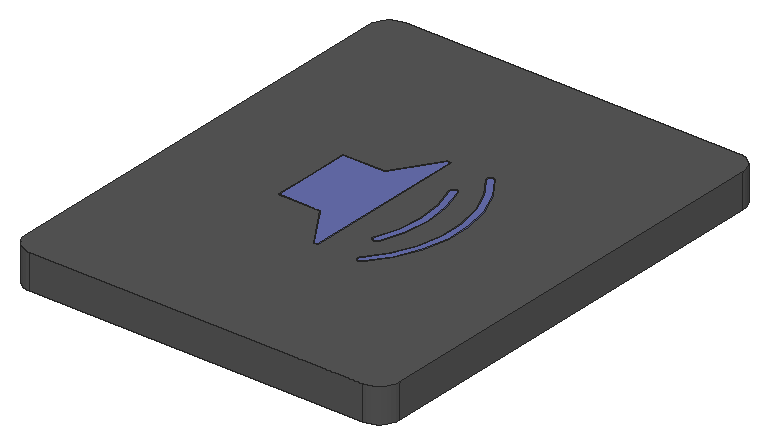
Revit family "Electronics_Masking-Generators_Biamp_Qt-Conference-Room-Edition_Privacy-Signs", category Communication Devices, host Face, Revit 2020
Family settings
  Host = Face
  Maintain Annotation Orientation = No
  Round Connector Dimension = Use Diameter
  Part Type = Normal
  OmniClass Number = 23.85.10.00
  OmniClass Title = General Information Systems
  Cut with Voids When Loaded = No
  Shared = No
  Room Calculation Point = No
Parameters (values of type "Privacy Sign Inside")
  Width = 3.54331"  # constant formula
  Weight = 0.10 lbf  # constant formula
  Version = 1
  URL = "https://www.biamp.com/"
  Product data url = "https://bimobject.com/biamp/product/qt-cre_masking-generator"
  Product Page URL = "https://www.biamp.com/products/product-families/cambridge/masking-generators#qt-cre"
  Product Documentation Link = "https://downloads.biamp.com/assets/docs/default-source/data-sheets/biamp_data_sheet_qt_conference_room_edition.pdf"
  Number of Connectors = "1"  # constant formula
  Model = "Privacy Sign Inside"
  Manufacturer = "Biamp"  # constant formula
  Input Voltage = "5VDC @ 75mA"  # constant formula
  Housing Material = Biamp - Plastic - Black
  Height = 0.32283"  # constant formula
  Description = "QT® Conference Room Edition Speech Privacy Solution for Conference Rooms"  # constant formula
  Depth = 4.44882"  # constant formula
  Default Elevation = 48"
  Date Updated = ""
  Date Created = "2023/08/21"
  Connector Type = "Spring-Loaded Push Terminals"  # constant formula
  Connector Description = "Spring-Loaded Push Terminals, 5VDC @ 75mA"  # constant formula
  Cable Type = "20AWG 2-Conductor Type CMP (Plenum)"  # constant formula
Types (3): name | Model
  (no name) | "Privacy Sign Inside"
  Privacy Sign Outside | "Privacy Sign Outside"
  Privacy Sign Inside | "Privacy Sign Inside"
Reference planes (in)
  plane 1 "Center (Front/Back)": y = 0
  plane 2: z = 0
  plane 3 "Center (Left/Right)": x = 0
Forms (in)
  Extrusion 1, solid, material "Biamp - Plastic - Black" <- "Housing Material", detail levels medium+fine
    sketch origin (0, 0, 0) x (1, 0, 0) y (0, 1, 0)
      loop
        line (-1.77165, 2.02756) -> (-1.77165, -2.02756)
        arc (-1.77165, -2.02756) -> (-1.714, -2.16675) -> (-1.5748, -2.22441) r 0.19685
        line (-1.5748, -2.22441) -> (1.5748, -2.22441)
        arc (1.5748, -2.22441) -> (1.714, -2.16675) -> (1.77165, -2.02756) r 0.19685
        line (1.77165, -2.02756) -> (1.77165, 2.02756)
        arc (1.77165, 2.02756) -> (1.714, 2.16675) -> (1.5748, 2.22441) r 0.19685
        line (1.5748, 2.22441) -> (-1.5748, 2.22441)
        arc (-1.5748, 2.22441) -> (-1.714, 2.16675) -> (-1.77165, 2.02756) r 0.19685
    from 0 to 0.32283
  Extrusion 2, solid, material "Biamp - Plastic - Black" <- "Housing Material", detail levels coarse
    sketch origin (0, 0, 0) x (1, 0, 0) y (0, 1, 0)
      loop
        line (-1.77165, 2.02756) -> (-1.77165, -2.02756)
        arc (-1.77165, -2.02756) -> (-1.714, -2.16675) -> (-1.5748, -2.22441) r 0.19685
        line (-1.5748, -2.22441) -> (1.5748, -2.22441)
        arc (1.5748, -2.22441) -> (1.714, -2.16675) -> (1.77165, -2.02756) r 0.19685
        line (1.77165, -2.02756) -> (1.77165, 2.02756)
        arc (1.77165, 2.02756) -> (1.714, 2.16675) -> (1.5748, 2.22441) r 0.19685
        line (1.5748, 2.22441) -> (-1.5748, 2.22441)
        arc (-1.5748, 2.22441) -> (-1.714, 2.16675) -> (-1.77165, 2.02756) r 0.19685
    from 0 to 0.32283
  Extrusion 3, void
    sketch origin (0, 0, 0.32283) x (1, 0, 0) y (0, 1, 0)
      loop
        line (0, 0.7874) -> (-0.03955, 0.7874) -> (-0.30264, 0.38228) -> (-0.69812, 0.38228) -> (-0.69812, 0) -> (-0.69812, -0.38228) -> (-0.30264, -0.38228) -> (-0.03955, -0.7874) -> (0, -0.7874) -> (0, 0.7874)
      loop
        arc (0.25987, -0.44051) -> (0.27797, -0.4847) -> (0.32226, -0.46682) r 0.03386
        arc (0.32226, -0.46682) -> (0.41792, 0) -> (0.32226, 0.46682) r 1.18686
        arc (0.32226, 0.46682) -> (0.27797, 0.4847) -> (0.25987, 0.44051) r 0.03386
        arc (0.25987, 0.44051) -> (0.34779, 0) -> (0.25987, -0.44051) r 1.14749
      loop
        arc (0.36775, -0.74509) -> (0.37103, -0.78903) -> (0.415, -0.78614) r 0.03129
        arc (0.415, -0.78614) -> (0.71269, 0) -> (0.415, 0.78614) r 1.18686
        arc (0.415, 0.78614) -> (0.37103, 0.78903) -> (0.36775, 0.74509) r 0.03129
        arc (0.36775, 0.74509) -> (0.64256, 0) -> (0.36775, -0.74509) r 1.14749
    from -0.02797 to 0
  Extrusion 4, solid, material "Biamp - Plastic - Blue", detail levels medium+fine
    sketch origin (0, 0, 0.32283) x (1, 0, 0) y (0, 1, 0)
      loop
        line (-0.30264, 0.38228) -> (-0.69812, 0.38228) -> (-0.69812, 0) -> (-0.69812, -0.38228) -> (-0.30264, -0.38228) -> (-0.03955, -0.7874) -> (0, -0.7874) -> (0, 0.7874) -> (-0.03955, 0.7874) -> (-0.30264, 0.38228)
      loop
        arc (0.32226, -0.46682) -> (0.41792, 0) -> (0.32226, 0.46682) r 1.18686
        arc (0.32226, 0.46682) -> (0.27797, 0.4847) -> (0.25987, 0.44051) r 0.03386
        arc (0.25987, 0.44051) -> (0.34779, 0) -> (0.25987, -0.44051) r 1.14749
        arc (0.25987, -0.44051) -> (0.27797, -0.4847) -> (0.32226, -0.46682) r 0.03386
      loop
        arc (0.415, -0.78614) -> (0.71269, 0) -> (0.415, 0.78614) r 1.18686
        arc (0.415, 0.78614) -> (0.37103, 0.78903) -> (0.36775, 0.74509) r 0.03129
        arc (0.36775, 0.74509) -> (0.64256, 0) -> (0.36775, -0.74509) r 1.14749
        arc (0.36775, -0.74509) -> (0.37103, -0.78903) -> (0.415, -0.78614) r 0.03129
    from -0.02797 to 0
  Extrusion 5, void
    sketch origin (0, 0, 0) x (0, 1, 0) y (1, 0, 0)
      loop
        circle (-1.48622, 0) r 0.19685
    from -0.06635 to 0
Cuts and joins
  Extrusion 3, Extrusion 5 cuts Extrusion 1
Lines and regions (in)
  Masking region 1, detail levels coarse
    outline origin (0, 0, 0) x (1, 0, 0) y (0, 1, 0)
      loop
        line (-1.77165, 2.02756) -> (-1.77165, -2.02756)
        arc (-1.77165, -2.02756) -> (-1.714, -2.16675) -> (-1.5748, -2.22441) r 0.19685
        line (-1.5748, -2.22441) -> (1.5748, -2.22441)
        arc (1.5748, -2.22441) -> (1.714, -2.16675) -> (1.77165, -2.02756) r 0.19685
        line (1.77165, -2.02756) -> (1.77165, 2.02756)
        arc (1.77165, 2.02756) -> (1.714, 2.16675) -> (1.5748, 2.22441) r 0.19685
        line (1.5748, 2.22441) -> (-1.5748, 2.22441)
        arc (-1.5748, 2.22441) -> (-1.714, 2.16675) -> (-1.77165, 2.02756) r 0.19685
  Masking region 2
    outline origin (0, 0, 0) x (1, 0, 0) y (0, 0, 1)
      loop
        line (-1.77165, 0.32283) -> (-1.77165, 0) -> (1.77165, 0) -> (1.77165, 0.32283) -> (-1.77165, 0.32283)
  Masking region 3, detail levels medium+fine
    outline origin (0, 0, 0) x (1, 0, 0) y (0, 1, 0)
      loop
        line (-1.77165, 2.02756) -> (-1.77165, -2.02756)
        arc (-1.77165, -2.02756) -> (-1.714, -2.16675) -> (-1.5748, -2.22441) r 0.19685
        line (-1.5748, -2.22441) -> (1.5748, -2.22441)
        arc (1.5748, -2.22441) -> (1.714, -2.16675) -> (1.77165, -2.02756) r 0.19685
        line (1.77165, -2.02756) -> (1.77165, 2.02756)
        arc (1.77165, 2.02756) -> (1.714, 2.16675) -> (1.5748, 2.22441) r 0.19685
        line (1.5748, 2.22441) -> (-1.5748, 2.22441)
        arc (-1.5748, 2.22441) -> (-1.714, 2.16675) -> (-1.77165, 2.02756) r 0.19685
  Masking region 4, detail levels medium+fine
    outline origin (0, 0, 0) x (1, 0, 0) y (0, 1, 0)
      loop
        line (-0.69812, 0.38228) -> (-0.69812, 0) -> (-0.69812, -0.38228) -> (-0.30264, -0.38228) -> (-0.03955, -0.7874) -> (0, -0.7874) -> (0, 0.7874) -> (-0.03955, 0.7874) -> (-0.30264, 0.38228) -> (-0.69812, 0.38228)
      loop
        arc (0.25987, 0.44051) -> (0.34779, 0) -> (0.25987, -0.44051) r 1.14749
        arc (0.25987, -0.44051) -> (0.27797, -0.4847) -> (0.32226, -0.46682) r 0.03386
        arc (0.32226, -0.46682) -> (0.41792, 0) -> (0.32226, 0.46682) r 1.18686
        arc (0.32226, 0.46682) -> (0.27797, 0.4847) -> (0.25987, 0.44051) r 0.03386
      loop
        arc (0.36775, 0.74509) -> (0.64256, 0) -> (0.36775, -0.74509) r 1.14749
        arc (0.36775, -0.74509) -> (0.37103, -0.78903) -> (0.415, -0.78614) r 0.03129
        arc (0.415, -0.78614) -> (0.71269, 0) -> (0.415, 0.78614) r 1.18686
        arc (0.415, 0.78614) -> (0.37103, 0.78903) -> (0.36775, 0.74509) r 0.03129
Dimensions and locks (in)
  aligned and locked: plane 2 to host face
  aligned and locked: level to host face
Connectors (in)
  electrical at (0, -1.48622, 0.06635), driven by "Connector Description"
    settings: on cut or joined group of Extrusion 1, Extrusion 3, Extrusion 5, index 1, voltage 0 V, apparent load 0 VA, apparent load phase1 0 VA, apparent load phase2 0 VA, apparent load phase3 0 VA, power factor 1, load classification "Other", number of poles 1, system type 5, power factor state 1, is connector primary yes, connector utility no, sub classification motor no, connector description "Spring-Loaded Push Terminals, 5VDC @ 75mA"
